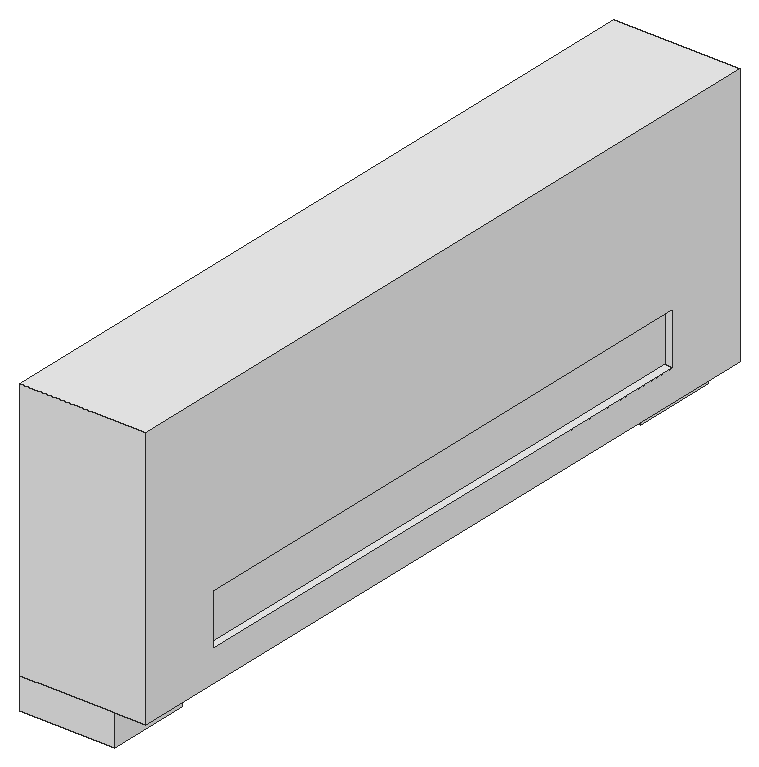
Revit family "SEQ_A3-Fan-Coil-Unit", category Generic Models, Revit 2016
Family settings
  Part Type = Undefined
  Can host rebar = No
  Round Connector Dimension = Use Diameter
  Work Plane-Based = No
  Always vertical = Yes
  Cut with Voids When Loaded = No
  Shared = No
  Room Calculation Point = No
Parameters (values of type "Fan Coil 1800mm")
  Keynote = "T"
  Assembly Code = "D3040400"
  Material = Metal - Painted White
  Width = 1800 mm
Types (3, lengths in mm): name | Width
  (no name) | 1800
  Fan Coil 1200mm | 1200
  Fan Coil 1800mm | 1800
Reference planes
  plane 1 "Center F/B": y = 0
  plane 2: z = 0
  plane 3 "Center L/R": x = 0
  plane 4: z = 76.2
  plane 5 "Top": z = 711.2
  plane 6: y = 1800
  plane 7: x = 304.8
  plane 8: x = 228.6
  plane 9: y = 1596.8
  plane 10: y = 203.2
  plane 11: y = 1422.6
  plane 12: y = 1248.4
  plane 13: y = 1074.2
  plane 14: y = 725.8
  plane 15: y = 900
  plane 16: y = 551.6
  plane 17: y = 377.4
Forms (mm)
  Extrusion 1, solid, material "Metal - Painted White" <- "Material"
    sketch origin (0, 0, 0) x (1, 0, 0) y (0, 1, 0)
      loop
        line (0, 1800) -> (0, 0) -> (228.6, 0) -> (228.6, 203.2) -> (177.8, 203.2) -> (177.8, 1596.8) -> (228.6, 1596.8) -> (228.6, 1800) -> (0, 1800)
    from 0 to 76.2
  Extrusion 2, solid, material "Metal - Painted White" <- "Material"
    sketch origin (0, 0, 76.2) x (1, 0, 0) y (0, -1, 0)
      loop
        line (0, -1800) -> (304.8, -1800) -> (304.8, 0) -> (0, 0) -> (0, -1800)
    from 0 to -635
  Extrusion 3, void
    sketch origin (304.8, 1800, 76.2) x (0, 0, -1) y (0, -1, 0)
      loop
        line (-203.2, 203.2) -> (-76.2, 203.2) -> (-76.2, 1596.8) -> (-203.2, 1596.8) -> (-203.2, 203.2)
    from 0 to 19.05
Cuts and joins
  Extrusion 3 cuts Extrusion 1
  Extrusion 3 cuts Extrusion 2
Lines and regions (mm)
  symbolic lines
    curve 1: line (0, 1800, 0) -> (228.6, 1800, 0)
    curve 2: line (0, 0, 0) -> (0, 1800, 0)
    curve 3: line (228.6, 0, 0) -> (0, 0, 0)
  model lines
    curve 4: line (304.8, 1596.8, 279.4) -> (304.8, 203.2, 279.4)
    curve 5: line (304.8, 1596.8, 152.4) -> (304.8, 1596.8, 279.4)
    curve 6: line (304.8, 203.2, 152.4) -> (304.8, 1596.8, 152.4)
    curve 7: line (304.8, 203.2, 279.4) -> (304.8, 203.2, 152.4)
    curve 8: line (304.8, 1596.8, 254) -> (304.8, 203.2, 254)
    curve 9: line (304.8, 1596.8, 228.6) -> (304.8, 203.2, 228.6)
    curve 10: line (304.8, 1596.8, 203.2) -> (304.8, 203.2, 203.2)
    curve 11: line (304.8, 1596.8, 177.8) -> (304.8, 203.2, 177.8)
    curve 12: line (304.8, 1248.4, 279.4) -> (304.8, 1248.4, 152.4)
    curve 13: line (304.8, 1074.2, 279.4) -> (304.8, 1074.2, 152.4)
    curve 14: line (304.8, 725.8, 279.4) -> (304.8, 725.8, 152.4)
    curve 15: line (304.8, 551.6, 279.4) -> (304.8, 551.6, 152.4)
    curve 16: line (304.8, 1422.6, 279.4) -> (304.8, 1422.6, 152.4)
    curve 17: line (304.8, 900, 279.4) -> (304.8, 900, 152.4)
    curve 18: line (304.8, 377.4, 279.4) -> (304.8, 377.4, 152.4)
    curve 19: line (304.8, 1596.8, 241.3) -> (304.8, 203.2, 241.3)
    curve 20: line (304.8, 1596.8, 266.7) -> (304.8, 203.2, 266.7)
    curve 21: line (304.8, 1596.8, 215.9) -> (304.8, 203.2, 215.9)
    curve 22: line (304.8, 1596.8, 190.5) -> (304.8, 203.2, 190.5)
    curve 23: line (304.8, 1596.8, 165.1) -> (304.8, 203.2, 165.1)
    curve 24: line (254, 203.2, 711.2) -> (0, 203.2, 711.2)
    curve 25: line (0, 1596.8, 711.2) -> (254, 1596.8, 711.2)
    curve 26: line (177.8, 1596.8, 711.2) -> (177.8, 203.2, 711.2)
    curve 27: line (254, 1596.8, 711.2) -> (254, 203.2, 711.2)
    curve 28: line (241.3, 203.2, 711.2) -> (241.3, 1596.8, 711.2)
    curve 29: line (203.2, 203.2, 711.2) -> (203.2, 1596.8, 711.2)
    curve 30: line (215.9, 203.2, 711.2) -> (215.9, 1596.8, 711.2)
    curve 31: line (190.5, 203.2, 711.2) -> (190.5, 1596.8, 711.2)
    curve 32: line (228.6, 1596.8, 711.2) -> (228.6, 203.2, 711.2)
    curve 33: line (177.8, 1422.6, 711.2) -> (254, 1422.6, 711.2)
    curve 34: line (177.8, 1248.4, 711.2) -> (254, 1248.4, 711.2)
    curve 35: line (177.8, 1074.2, 711.2) -> (254, 1074.2, 711.2)
    curve 36: line (177.8, 900, 711.2) -> (254, 900, 711.2)
    curve 37: line (177.8, 725.8, 711.2) -> (254, 725.8, 711.2)
    curve 38: line (177.8, 551.6, 711.2) -> (254, 551.6, 711.2)
    curve 39: line (177.8, 377.4, 711.2) -> (254, 377.4, 711.2)
Dimensions and locks
  plane 2 to level to plane 5 "Top" = 0 mm, 711.2 mm
  locked: plane 6 to plane 9 at 203.2
  locked: plane 10 to plane 1 "Center F/B" at 203.2
  "Width": plane 6 to plane 1 "Center F/B"
  equal spacing: plane 9, plane 11, plane 12, plane 13, plane 15, plane 14, plane 16, plane 17, plane 10
  aligned and locked: Extrusion 1 to plane 4
  aligned and locked: Extrusion 2 to plane 5 "Top"
  aligned and locked: plane 6 to Extrusion 2
  aligned and locked: plane 1 "Center F/B" to Extrusion 2
  aligned and locked: plane 11 to curve 16
  aligned and locked: plane 12 to curve 12
  aligned and locked: plane 13 to curve 13
  aligned and locked: plane 14 to curve 14
  aligned and locked: plane 15 to curve 17
  aligned and locked: plane 16 to curve 15
  aligned and locked: plane 17 to curve 18
  aligned and locked: plane 9 to Extrusion 1  (x2)
  aligned and locked: Extrusion 1 to plane 10
Automatic sketch dimensions
  Extrusion 1 sketch curve to plane 1 "Center F/B" = 0 mm
  Extrusion 1 sketch curve to plane 3 "Center L/R" = 0 mm
  Extrusion 1 sketch curve to plane 10 = 0 mm
  Extrusion 1 sketch curve to plane 8 = 0 mm  (x2)
  Extrusion 1 sketch curve to plane 6 = 0 mm
  Extrusion 1 sketch curve to plane 9 = 0 mm
  Extrusion 1 sketch curve to Extrusion 1 sketch curve = 50.8 mm
  Extrusion 2 sketch curve to plane 1 "Center F/B" = 0 mm
  Extrusion 2 sketch curve to plane 3 "Center L/R" = 0 mm
  Extrusion 2 sketch curve to plane 7 = 0 mm
  Extrusion 2 sketch curve to plane 6 = 0 mm
  curve 23 to plane 9 = 0 mm
  curve 23 to plane 10 = 0 mm
  curve 13 to plane 4 = 76.2 mm
  curve 6 to curve 23 = 12.7 mm
  curve 23 to curve 11 = 12.7 mm
  curve 11 to curve 22 = 12.7 mm
  curve 22 to curve 10 = 12.7 mm
  curve 10 to curve 21 = 12.7 mm
  curve 21 to curve 9 = 12.7 mm
  curve 9 to curve 19 = 12.7 mm
  curve 19 to curve 8 = 12.7 mm
  curve 8 to curve 20 = 12.7 mm
  curve 20 to curve 18 = 12.7 mm
  Extrusion 3 sketch curve to plane 10 = 0 mm
  Extrusion 3 sketch curve to plane 9 = 0 mm
  Extrusion 3 sketch curve to plane 4 = 203.2 mm
  Extrusion 3 sketch curve to plane 4 = 76.2 mm
  curve 3 to plane 1 "Center F/B" = 0 mm
  curve 3 to plane 3 "Center L/R" = 0 mm
  curve 24 to plane 3 "Center L/R" = 0 mm
  curve 25 to plane 3 "Center L/R" = 0 mm
  curve 37 to plane 14 = 0 mm
  curve 39 to plane 17 = 0 mm
  curve 36 to plane 15 = 0 mm
  curve 38 to plane 16 = 0 mm
  curve 26 to plane 9 = 0 mm
  curve 26 to plane 10 = 0 mm
  curve 35 to plane 13 = 0 mm
  curve 34 to plane 12 = 0 mm
  curve 33 to plane 11 = 0 mm
  curve 32 to plane 8 = 0 mm
  curve 1 to plane 6 = 0 mm
  curve 1 to plane 8 = 0 mm
  curve 3 to plane 8 = 0 mm
  plane 8 to curve 37 = 50.8 mm
  curve 26 to curve 31 = 12.7 mm
  curve 31 to curve 29 = 12.7 mm
  plane 8 to curve 30 = 12.7 mm
  curve 32 to curve 28 = 12.7 mm
  curve 28 to curve 27 = 12.7 mm
